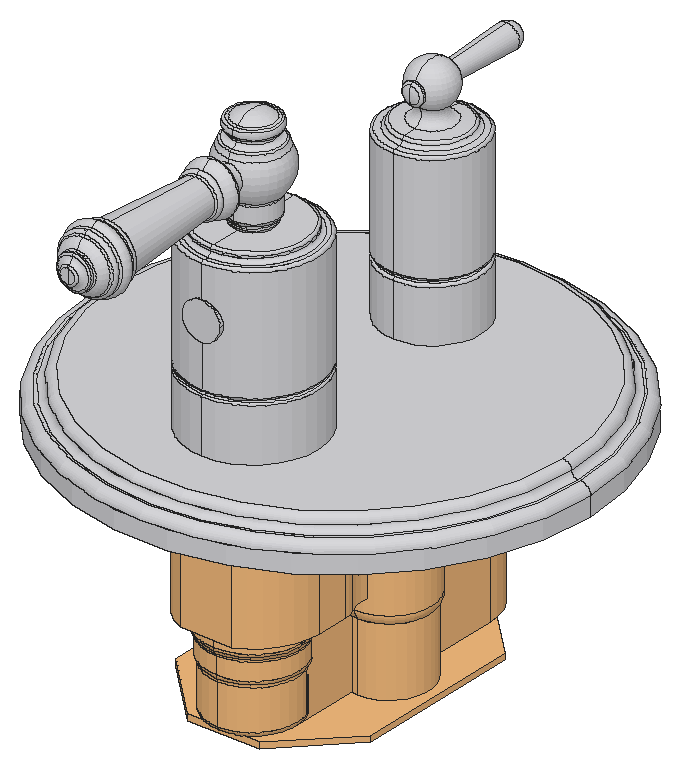
Revit family "Shower-Valve_Trim-KOHLER-MODULO-C72820W", category Plumbing Fixtures, host Face, Revit 2017
Family settings
  Host = Face
  Round Connector Dimension = Use Diameter
  Part Type = Normal
  OmniClass Number = 23.31.25.00
  OmniClass Title = Toilet and Bath Specialties
  Cut with Voids When Loaded = No
  Shared = No
  Room Calculation Point = No
Parameters (values of type "CP-Polished Chrome")
  Width = 7 11/128"  # constant formula
  WaterSense Certified = 1 = 0  # no
  Waste Water Outlet = "Waste Water Outlet"  # constant formula
  Waste Connection = 1 = 0  # no
  Vent Connection = 1 = 0  # no
  URL = "https://www.kohler.co.uk/"
  Type = 1
  Tempered Water Outlet 2 = "Tempered Water Outlet 2"  # constant formula
  Tempered Water Outlet 1 = "Tempered Water Outlet 1"  # constant formula
  Product Page URL = ""
  Product Name = "Artifacts"  # constant formula
  Product Documentation Link = ""
  Pressure = 72.00 psi  # constant formula
  Model = "C72820W-4-CP"  # constant formula
  Material = "Premium Metal Construction"  # constant formula
  Master Format 2014 Name = "Residential Showers"  # constant formula
  Master Format 2014 = "22 42 23"  # constant formula
  Manufacturer Address = "Cromwell Road, Cheltenham, Gloucestershire. GL52 5EP Registered in England No. 252115"  # constant formula
  Manufacturer = "KOHLER Co."  # constant formula
  Length = 4 19/32"  # constant formula
  Hot Water Inlet = "Hot Water Inlet"  # constant formula
  Height = 7 11/128"  # constant formula
  Handle Clearance = 3 79/256"  # constant formula
  HW Connection = 1 = 1  # yes
  Flow Rate = 9.24 GPM  # constant formula
  Finish = Kohler-Metal-CP-Polished_Chrome
  Environmental Product Declaration = ""
  Drain Included = 1 = 0  # no
  Description = "Thermotatic Built-in Shower Valve with Temperature and Flow Control"  # constant formula
  Default Elevation = 42"
  Declare Label = ""
  Date Modified = "21/07/2021"  # constant formula
  Date Created = "21/07/2021"  # constant formula
  Copyright = "Copyright KOHLER Co."  # constant formula
  Contact Us = "https://www.kohler.co.uk/support/contact/"
  Cold Water Inlet = "Cold Water Inlet"  # constant formula
  CW Connection = 1 = 1  # yes
  Assembly Code = "D2010700"
  ADA Compliant = 1 = 0  # no
Reference planes (in)
  plane 1 "Center (Front/Back)": y = 0
  plane 2: z = 0
  plane 3 "Center (Left/Right)": x = 0
  plane 4: x = -3.54331
  plane 5: x = 3.54263
  plane 6: y = 3.54331
  plane 7: y = -3.54263
  plane 8: y = -4.83834
  plane 9: y = 3.12106
  plane 10: x = -0.6875
  plane 11: x = 0.6875
  plane 12: y = -1.52974
  plane 13: y = 1.625
  plane 14: y = -0.89128
  plane 15: z = -3.09375
  plane 16: z = 3.90554
  plane 17: z = 4.59375
  plane 18: z = 3.53544
  plane 19: z = 0.5925
Forms (in)
  Extrusion 1, void
    sketch origin (0, 0, 0) x (1, 0, 0) y (0, 1, 0)
      loop
        arc (1.08004, -2.55228) -> (1.47227, -2.38981) -> (1.63473, -1.99759) r 0.55469
        line (1.63473, -1.99759) -> (1.63473, 1.99769)
        arc (1.63473, 1.99769) -> (1.47186, 2.39091) -> (1.07864, 2.55378) r 0.5561
        line (1.07864, 2.55378) -> (-1.08004, 2.55378)
        arc (-1.08004, 2.55378) -> (-1.47227, 2.39132) -> (-1.63473, 1.9991) r 0.55469
        line (-1.63473, 1.9991) -> (-1.63473, -1.99759)
        arc (-1.63473, -1.99759) -> (-1.47227, -2.38981) -> (-1.08004, -2.55228) r 0.55469
        line (-1.08004, -2.55228) -> (1.08004, -2.55228)
    from 0 to -3.09375
Dimensions and locks (in)
  "Width": plane 4 to plane 5
  locked: plane 8 to plane 6 at 8.38164
  "Height": plane 6 to plane 7
  locked: plane 19 to plane 2 at 0.5925
  locked: plane 16 to plane 2 at 3.90554
  "Length": plane 17 to plane 2
  "Handle Clearance": plane 12 to plane 8
  aligned and locked: plane 2 to host face
  aligned and locked: level to host face
Automatic sketch dimensions
  host sketch curve to host sketch curve = 96"  (x2)
  Extrusion 1 sketch curve to plane 13 = 0.3741"
  plane 10 to Extrusion 1 sketch curve = 0.94723"
  plane 10 to Extrusion 1 sketch curve = 0.39254"  (x2)
  plane 11 to Extrusion 1 sketch curve = 0.39114"
  plane 11 to Extrusion 1 sketch curve = 0.39254"
  Extrusion 1 sketch curve to Extrusion 1 sketch curve = 71/128"
  plane 12 to Extrusion 1 sketch curve = 0.46785"
Nested families (in)
  nested 1: "C72820W" at (0, 0, 0), type "C72820W"
Connectors (in)
  piping at (-0.6875, 0, -3.09375), diameter 0.5, driven by "Flow Rate", driven by "Pressure", driven by "HW Connection", driven by "Hot Water Inlet"
    settings: on nested 1, index 1, connector inside diameter 24", connector length 0", flow factor 0, pipe flow 9.24 GPM, pressure drop 72.00 psi, fitting loss kfactor 0, connector angle 0.00°, fixture units 0, engagement length 0", angle of deflection 0.00°, flow configuration 1, flow direction 1, fitting loss method 4, system type 19, joint type 0, gender type 0, connector reference index -1, connector utility 1, adjustable connector no, is connector primary yes, connector description "Hot Water Inlet"
  piping at (0.6875, 0, -3.09375), diameter 0.5, driven by "Flow Rate", driven by "Pressure", driven by "CW Connection", driven by "Cold Water Inlet"
    settings: on nested 1, index 2, connector inside diameter 24", connector length 0", flow factor 0, pipe flow 9.24 GPM, pressure drop 72.00 psi, fitting loss kfactor 0, connector angle 0.00°, fixture units 0, engagement length 0", angle of deflection 0.00°, flow configuration 1, flow direction 1, fitting loss method 4, system type 20, joint type 0, gender type 0, connector reference index -1, connector utility 1, adjustable connector no, is connector primary no, connector description "Cold Water Inlet"
  piping at (0, -0.89128, -3.09375), diameter 0.5, driven by "Flow Rate", driven by "Pressure", driven by "HW Connection", driven by "Tempered Water Outlet 2"
    settings: on nested 1, index 3, connector inside diameter 24", connector length 0", flow factor 0, pipe flow 9.24 GPM, pressure drop 72.00 psi, fitting loss kfactor 0, connector angle 0.00°, fixture units 0, engagement length 0", angle of deflection 0.00°, flow configuration 1, flow direction 2, fitting loss method 4, system type 19, joint type 0, gender type 0, connector reference index -1, connector utility 1, adjustable connector no, is connector primary no, connector description "Tempered Water Outlet 2"
  piping at (0, 1.62506, -3.09375), diameter 0.5, driven by "Flow Rate", driven by "Pressure", driven by "HW Connection", driven by "Tempered Water Outlet 1"
    settings: on nested 1, index 4, connector inside diameter 24", connector length 0", flow factor 0, pipe flow 9.24 GPM, pressure drop 72.00 psi, fitting loss kfactor 0, connector angle 0.00°, fixture units 0, engagement length 0", angle of deflection 0.00°, flow configuration 1, flow direction 2, fitting loss method 4, system type 19, joint type 0, gender type 0, connector reference index -1, connector utility 1, adjustable connector no, is connector primary no, connector description "Tempered Water Outlet 1"
Definition of nested family "C72820W"
  Parameters (values of type "C72820W")
    Material = none
  Reference planes (in)
    plane 1 "Center (Front/Back)": y = 0
    plane 2: z = 0
    plane 3 "Center (Left/Right)": x = 0
    plane 4: x = -3.54331
    plane 5: x = 3.54331
    plane 6: y = 3.54331
    plane 7: y = -3.54331
    plane 8: z = 0.5925
    plane 9: z = 3.90554
    plane 10: z = 4.59375
    plane 11: y = -1.53125
    plane 12: y = 1.625
    plane 13: y = -4.83834
    plane 14: y = 3.12106
    plane 15: z = 3.53544
    plane 16: z = -3.09375
    plane 17: x = -0.6875
    plane 18: x = 0.6875
    plane 19: y = -0.89128
  Forms (in)
    Sweep 1, solid, material <- "Material", detail levels medium+fine
      path origin (0, 0, 0) x (1, 0, 0) y (0, 1, 0)
        loop
          circle (0, 0) r 3.54336
      profile origin (0, 3.54336, 0) x (0, -1, 0) y (0, 0, 1)
        loop
          line (0.01211, 0) -> (0.60669, 0) -> (0.60669, 0.5925) -> (0.4018, 0.5925)
          arc (0.4018, 0.5925) -> (0.32124, 0.56098) -> (0.28346, 0.48316) r 0.11871
          arc (0.28346, 0.48316) -> (0.25323, 0.42088) -> (0.18876, 0.39565) r 0.095
          line (0.18876, 0.39565) -> (0.14766, 0.39565)
          arc (0.14766, 0.39565) -> (0.05181, 0.35595) -> (0.01211, 0.2601) r 0.13555
          line (0.01211, 0.2601) -> (0.01211, 0)
    Extrusion 2, solid, material <- "Material", detail levels medium+fine
      sketch origin (0, 0, 0) x (1, 0, 0) y (0, 1, 0)
        loop
          circle (0, 0) r 2.94878
      from 0 to 0.59055
    Revolve 3, solid, material <- "Material", detail levels medium+fine
      sketch origin (0, 0, 0) x (0, 1, 0) y (0, 0, 1)
        loop
          line (-1.53125, 4.59375) -> (-1.53125, 0.4743) -> (-0.625, 0.4743) -> (-0.625, 1.33838)
          arc (-0.625, 1.33838) -> (-0.63083, 1.35244) -> (-0.64489, 1.35827) r 0.01989
          line (-0.64489, 1.35827) -> (-0.71357, 1.35827) -> (-0.71357, 1.40546) -> (-0.64493, 1.40546)
          arc (-0.64493, 1.40546) -> (-0.63084, 1.4113) -> (-0.625, 1.42539) r 0.01993
          line (-0.625, 1.42539) -> (-0.625, 3.02147)
          arc (-0.625, 3.02147) -> (-0.63601, 3.04805) -> (-0.66258, 3.05906) r 0.03758
          line (-0.66258, 3.05906) -> (-0.7288, 3.05906)
          arc (-0.7288, 3.05906) -> (-0.76702, 3.07488) -> (-0.78285, 3.1131) r 0.05405
          line (-0.78285, 3.1131) -> (-0.78285, 3.14424)
          arc (-0.78285, 3.14424) -> (-0.79249, 3.16752) -> (-0.81577, 3.17717) r 0.03293
          line (-0.81577, 3.17717) -> (-1.26034, 3.17717)
          arc (-1.26034, 3.17717) -> (-1.24608, 3.18307) -> (-1.24017, 3.19734) r 0.02017
          line (-1.24017, 3.19734) -> (-1.24017, 3.23084)
          arc (-1.24017, 3.23084) -> (-1.23184, 3.26031) -> (-1.20931, 3.28105) r 0.05627
          arc (-1.20931, 3.28105) -> (-1.19571, 3.29357) -> (-1.19068, 3.31136) r 0.03397
          line (-1.19068, 3.31136) -> (-1.19068, 3.53618)
          arc (-1.19068, 3.53618) -> (-1.187, 3.55509) -> (-1.1765, 3.57125) r 0.05046
          arc (-1.1765, 3.57125) -> (-1.04544, 3.8435) -> (-1.10277, 4.14017) r 0.48059
          arc (-1.10277, 4.14017) -> (-1.1205, 4.17805) -> (-1.13252, 4.2181) r 0.2866
          arc (-1.13252, 4.2181) -> (-1.14093, 4.23175) -> (-1.15598, 4.23727) r 0.02449
          arc (-1.15598, 4.23727) -> (-1.20632, 4.25638) -> (-1.23302, 4.30315) r 0.07969
          arc (-1.23302, 4.30315) -> (-1.22772, 4.33475) -> (-1.20373, 4.35598) r 0.04802
          arc (-1.20373, 4.35598) -> (-1.18849, 4.36616) -> (-1.17854, 4.38156) r 0.04516
          arc (-1.17854, 4.38156) -> (-1.17087, 4.42738) -> (-1.18192, 4.4725) r 0.11517
          arc (-1.18192, 4.4725) -> (-1.1941, 4.48485) -> (-1.21131, 4.48696) r 0.02636
          arc (-1.21131, 4.48696) -> (-1.23395, 4.48715) -> (-1.25433, 4.49701) r 0.05157
          arc (-1.25433, 4.49701) -> (-1.38459, 4.56887) -> (-1.53125, 4.59375) r 0.44471
        axis (-1.53125, 4.59375) -> (-1.53125, 0.4743)
      angle from 0 to 360
    Revolve 4, solid, material <- "Material", detail levels medium+fine
      sketch origin (0, 0, 0) x (0, 1, 0) y (0, 0, 1)
        loop
          line (-4.8125, 3.90554) -> (-4.8125, 3.79943)
          arc (-4.8125, 3.79943) -> (-4.80706, 3.78381) -> (-4.79309, 3.77494) r 0.02515
          arc (-4.79309, 3.77494) -> (-4.74029, 3.74248) -> (-4.71742, 3.68488) r 0.09829
          arc (-4.71742, 3.68488) -> (-4.71089, 3.67087) -> (-4.69653, 3.66516) r 0.02092
          line (-4.69653, 3.66516) -> (-4.66467, 3.66516)
          arc (-4.66467, 3.66516) -> (-4.64967, 3.66092) -> (-4.63911, 3.64946) r 0.02866
          arc (-4.63911, 3.64946) -> (-4.58812, 3.58387) -> (-4.51633, 3.54206) r 0.21845
          arc (-4.51633, 3.54206) -> (-4.50309, 3.53354) -> (-4.49516, 3.51995) r 0.03371
          arc (-4.49516, 3.51995) -> (-4.46564, 3.48832) -> (-4.42258, 3.49256) r 0.04884
          arc (-4.42258, 3.49256) -> (-4.40072, 3.49612) -> (-4.38283, 3.48306) r 0.02872
          arc (-4.38283, 3.48306) -> (-4.29866, 3.43522) -> (-4.2138, 3.48181) r 0.09925
          arc (-4.2138, 3.48181) -> (-4.19527, 3.49525) -> (-4.1726, 3.49208) r 0.03058
          arc (-4.1726, 3.49208) -> (-4.13083, 3.48834) -> (-4.10097, 3.51779) r 0.0499
          arc (-4.10097, 3.51779) -> (-4.09084, 3.53127) -> (-4.07503, 3.53714) r 0.02993
          line (-4.07503, 3.53714) -> (-2.55069, 3.64373)
          arc (-2.55069, 3.64373) -> (-2.53243, 3.6393) -> (-2.52009, 3.62513) r 0.031
          arc (-2.52009, 3.62513) -> (-2.46412, 3.59631) -> (-2.42488, 3.64554) r 0.04965
          arc (-2.42488, 3.64554) -> (-2.3604, 3.56524) -> (-2.26309, 3.53149) r 0.1862
          arc (-2.26309, 3.53149) -> (-2.24777, 3.53557) -> (-2.23775, 3.54786) r 0.02571
          arc (-2.23775, 3.54786) -> (-2.12696, 3.67744) -> (-1.95951, 3.7095) r 0.25772
          arc (-1.95951, 3.7095) -> (-1.65295, 3.73811) -> (-1.39456, 3.90554) r 0.64511
          line (-1.39456, 3.90554) -> (-4.8125, 3.90554)
        axis (-1.39456, 3.90554) -> (-4.8125, 3.90554)
      angle from 0 to 360
    Revolve 5, solid, material <- "Material", detail levels medium+fine
      sketch origin (0, 0, 0) x (0, 1, 0) y (0, 0, 1)
        loop
          line (1.625, 0.55225) -> (2.3125, 0.55225) -> (2.3125, 1.32327)
          arc (2.3125, 1.32327) -> (2.30225, 1.34802) -> (2.2775, 1.35827) r 0.035
          line (2.2775, 1.35827) -> (2.2144, 1.35827) -> (2.2144, 1.40945) -> (2.29287, 1.40945)
          arc (2.29287, 1.40945) -> (2.30675, 1.4152) -> (2.3125, 1.42908) r 0.01963
          line (2.3125, 1.42908) -> (2.3125, 2.93221)
          arc (2.3125, 2.93221) -> (2.30353, 2.95641) -> (2.28094, 2.96891) r 0.03712
          line (2.28094, 2.96891) -> (2.19508, 2.98192)
          arc (2.19508, 2.98192) -> (2.16154, 2.99921) -> (2.14534, 3.03329) r 0.05899
          arc (2.14534, 3.03329) -> (2.13441, 3.05563) -> (2.11192, 3.06626) r 0.03761
          line (2.11192, 3.06626) -> (1.93293, 3.08507)
          arc (1.93293, 3.08507) -> (1.82197, 3.17321) -> (1.85475, 3.31108) r 0.13202
          arc (1.85475, 3.31108) -> (1.92349, 3.65661) -> (1.625, 3.84375) r 0.31035
          line (1.625, 3.84375) -> (1.625, 0.55225)
        axis (1.625, 3.84375) -> (1.625, 0.55225)
      angle from 0 to 360
    Revolve 6, solid, material <- "Material", detail levels medium+fine
      sketch origin (0, 0, 0) x (0, 1, 0) y (0, 0, 1)
        loop
          line (1.22663, 3.53543) -> (3.12503, 3.53543)
          arc (3.12503, 3.53543) -> (3.06506, 3.66556) -> (2.93021, 3.71399) r 0.18523
          line (2.93021, 3.71399) -> (1.90456, 3.66024) -> (1.34828, 3.67)
          arc (1.34828, 3.67) -> (1.33215, 3.66742) -> (1.31892, 3.67701) r 0.02135
          arc (1.31892, 3.67701) -> (1.30299, 3.68946) -> (1.28281, 3.68847) r 0.02899
          arc (1.28281, 3.68847) -> (1.26319, 3.67507) -> (1.25013, 3.65523) r 0.06141
          arc (1.25013, 3.65523) -> (1.23256, 3.59647) -> (1.22663, 3.53543) r 0.31705
        axis (3.12503, 3.53543) -> (1.22663, 3.53543)
      angle from 0 to 360
    Revolve 7, solid, detail levels medium+fine
      sketch origin (0, 0, 0) x (0, 1, 0) y (0, 0, 1)
        loop
          line (-1.53125, -3.02287) -> (-2.083, -3.02287)
          arc (-2.083, -3.02287) -> (-2.13423, -3.00165) -> (-2.15545, -2.95042) r 0.07245
          line (-2.15545, -2.95042) -> (-2.15545, -2.38433)
          arc (-2.15545, -2.38433) -> (-2.15935, -2.35862) -> (-2.17071, -2.33522) r 0.08665
          arc (-2.17071, -2.33522) -> (-2.18137, -2.31328) -> (-2.18503, -2.28916) r 0.08125
          line (-2.18503, -2.28916) -> (-2.18503, -2.04484)
          arc (-2.18503, -2.04484) -> (-2.1871, -2.0291) -> (-2.19317, -2.01444) r 0.06081
          line (-2.19317, -2.01444) -> (-2.2231, -1.96261)
          arc (-2.2231, -1.96261) -> (-2.23159, -1.9421) -> (-2.23449, -1.92009) r 0.08505
          line (-2.23449, -1.92009) -> (-2.23449, -1.81629)
          arc (-2.23449, -1.81629) -> (-2.25662, -1.75896) -> (-2.31153, -1.73135) r 0.08535
          line (-2.31153, -1.73135) -> (-2.31153, -0.57006)
          arc (-2.31153, -0.57006) -> (-2.27049, -0.54873) -> (-2.25403, -0.50551) r 0.06499
          line (-2.25403, -0.50551) -> (-2.25403, -0.47389)
          arc (-2.25403, -0.47389) -> (-2.26022, -0.45895) -> (-2.27517, -0.45276) r 0.02113
          line (-2.27517, -0.45276) -> (-2.35158, -0.45276)
          arc (-2.35158, -0.45276) -> (-2.3732, -0.4438) -> (-2.38216, -0.42218) r 0.03057
          line (-2.38216, -0.42218) -> (-2.38216, 0.03054) -> (-1.53125, 0.03054) -> (-1.53125, -3.02756)
        axis (-1.53125, 0.03054) -> (-1.53125, -3.02756)
      angle from 0 to 360
    Revolve 8, solid, detail levels medium+fine
      sketch origin (-0.68897, 0.0016, 0) x (0, 1, 0) y (0, 0, 1)
        loop
          line (0, -0.54405) -> (0, -3.03972) -> (0.55405, -3.03972) -> (0.55405, -2.04881)
          arc (0.55405, -2.04881) -> (0.59152, -1.98988) -> (0.60463, -1.92127) r 0.18606
          line (0.60463, -1.92127) -> (0.60463, -1.22977)
          arc (0.60463, -1.22977) -> (0.62713, -1.18548) -> (0.63488, -1.13642) r 0.15916
          line (0.63488, -1.13642) -> (0.63489, -0.62498)
          arc (0.63489, -0.62498) -> (0.61118, -0.56776) -> (0.55396, -0.54405) r 0.08093
          line (0.55396, -0.54405) -> (0, -0.54405)
        axis (0, -3.03972) -> (0, -0.54405)
      angle from 0 to 360
    Revolve 9, solid, detail levels medium+fine
      sketch origin (0.68897, 0.0016, 0) x (0, 1, 0) y (0, 0, -1)
        loop
          line (0, 0.54405) -> (0.55396, 0.54405)
          arc (0.55396, 0.54405) -> (0.61118, 0.56776) -> (0.63489, 0.62498) r 0.08093
          line (0.63489, 0.62498) -> (0.63488, 1.13642)
          arc (0.63488, 1.13642) -> (0.62713, 1.18548) -> (0.60463, 1.22977) r 0.15916
          line (0.60463, 1.22977) -> (0.60463, 1.92127)
          arc (0.60463, 1.92127) -> (0.59152, 1.98988) -> (0.55405, 2.04881) r 0.18606
          line (0.55405, 2.04881) -> (0.55405, 3.0385) -> (0, 3.0385) -> (0, 0.54405)
        axis (0, 3.0385) -> (0, 0.54405)
      angle from 0 to 360
    Extrusion 10, solid, detail levels medium+fine
      sketch origin (0, 0, 0) x (1, 0, 0) y (0, 1, 0)
        loop
          line (0.92561, -1.51625) -> (0.92561, -1.06778)
          arc (0.92561, -1.06778) -> (0.9162, -0.97656) -> (0.88838, -0.88919) r 0.44694
          arc (0.88838, -0.88919) -> (0.83885, -0.67085) -> (0.87295, -0.44957) r 0.599
          line (0.87295, -0.44957) -> (0.87295, 0.39112)
          arc (0.87295, 0.39112) -> (0.8232, 0.57143) -> (0.65834, 0.65979) r 0.23749
          line (0.65834, 0.65979) -> (0.07315, 0.71099)
          arc (0.07315, 0.71099) -> (0.00041, 0.71416) -> (-0.07233, 0.71099) r 0.83461
          line (-0.07233, 0.71099) -> (-0.65534, 0.65998)
          arc (-0.65534, 0.65998) -> (-0.80974, 0.58384) -> (-0.87213, 0.4234) r 0.23748
          line (-0.87213, 0.4234) -> (-0.87213, -0.44957)
          arc (-0.87213, -0.44957) -> (-0.83802, -0.67085) -> (-0.88755, -0.88919) r 0.599
          arc (-0.88755, -0.88919) -> (-0.91538, -0.97656) -> (-0.92478, -1.06778) r 0.44694
          line (-0.92478, -1.06778) -> (-0.92478, -1.51625)
          arc (-0.92478, -1.51625) -> (-0.77142, -2.0264) -> (-0.36218, -2.36743) r 0.9252
          line (-0.36218, -2.36743) -> (0.36301, -2.36743)
          arc (0.36301, -2.36743) -> (0.77225, -2.0264) -> (0.92561, -1.51625) r 0.9252
      from -1.73022 to -0.57006
    Extrusion 11, solid, detail levels medium+fine
      sketch origin (0, 0, 0) x (1, 0, 0) y (0, 1, 0)
        loop
          line (0.8075, 0.45624) -> (0.8075, 1.63734)
          arc (0.8075, 1.63734) -> (0.67224, 2.08461) -> (0.31178, 2.38195) r 0.80709
          line (0.31178, 2.38195) -> (-0.31096, 2.38195)
          arc (-0.31096, 2.38195) -> (-0.67141, 2.08461) -> (-0.80667, 1.63734) r 0.80709
          line (-0.80667, 1.63734) -> (-0.80667, 0.45624) -> (0.8075, 0.45624)
      from -3.01252 to -0.86614
    Extrusion 12, solid, detail levels medium+fine
      sketch origin (0, 0, 0) x (1, 0, 0) y (0, 1, 0)
        loop
          line (-1.37754, 1.18116) -> (-1.37754, -1.18104) -> (-0.50237, -2.05621) -> (0.5032, -2.05621) -> (1.37837, -1.18104) -> (1.37837, 1.18116) -> (0.48257, 2.07696) -> (-0.48174, 2.07696) -> (-1.37754, 1.18116)
      from -3.09375 to -3.01252
    Extrusion 13, solid, detail levels medium+fine
      sketch origin (0, 0, 0) x (1, 0, 0) y (0, 0, 1)
        loop
          line (-0.59014, -3.03972) -> (0.59096, -3.03972) -> (0.59096, -1.31274) -> (-0.59014, -1.31274) -> (-0.59014, -3.03972)
      from 0 to 1.51569
    Extrusion 14, solid, detail levels medium+fine
      sketch origin (0, -0.00769, 0) x (1, 0, 0) y (0, 1, 0)
        loop
          circle (-0.00038, 1.63295) r 0.68945
      from -0.86614 to 0.09843
    Extrusion 15, solid, detail levels medium+fine
      sketch origin (0, 0, 0) x (1, 0, 0) y (0, 1, 0)
        loop
          circle (0, 1.62506) r 0.19685
        loop
          circle (0.6875, 0) r 0.19685
        loop
          circle (-0.6875, 0) r 0.19685
        loop
          circle (0, -0.89128) r 0.19685
      from -3.09375 to -3.05727
    Extrusion 16, solid, material <- "Material", detail levels coarse
      sketch origin (0, 0, 0) x (1, 0, 0) y (0, 1, 0)
        loop
          circle (0, 0) r 3.53125
      from 0 to 0.59247
    Extrusion 17, solid, material <- "Material", detail levels coarse
      sketch origin (0, 0, 0) x (1, 0, 0) y (0, 1, 0)
        loop
          circle (0, -1.53125) r 0.90625
      from 0 to 4.59375
    Extrusion 18, solid, material <- "Material", detail levels coarse
      sketch origin (0, 0, 0) x (1, 0, 0) y (0, 1, 0)
        loop
          circle (0, 1.625) r 0.6875
      from 0 to 3.84375
    Extrusion 19, solid, material <- "Material", detail levels coarse
      sketch origin (0, 0, 0) x (1, 0, 0) y (0, 0, 1)
        loop
          circle (-0.00071, 3.5362) r 0.17864
      from -3.125 to -2.1378
    Extrusion 20, solid, material <- "Material", detail levels coarse
      sketch origin (0, 0, 0) x (1, 0, 0) y (0, 0, 1)
        loop
          circle (-0.00095, 3.90452) r 0.46672
      from 1.82382 to 4.83834
    Extrusion 21, solid, detail levels coarse
      sketch origin (0, 0, 0) x (1, 0, 0) y (0, 1, 0)
        loop
          line (1.37837, -1.18104) -> (1.37837, 1.18116) -> (0.79787, 1.76166)
          arc (0.79787, 1.76166) -> (0.63568, 2.13517) -> (0.31178, 2.38195) r 0.80709
          line (0.31178, 2.38195) -> (-0.31096, 2.38195)
          arc (-0.31096, 2.38195) -> (-0.63485, 2.13517) -> (-0.79704, 1.76166) r 0.80709
          line (-0.79704, 1.76166) -> (-1.37754, 1.18116) -> (-1.37754, -1.18104) -> (-0.91614, -1.64245)
          arc (-0.91614, -1.64245) -> (-0.73474, -2.07797) -> (-0.36218, -2.36743) r 0.9252
          line (-0.36218, -2.36743) -> (0.36301, -2.36743)
          arc (0.36301, -2.36743) -> (0.73557, -2.07797) -> (0.91696, -1.64245) r 0.9252
          line (0.91696, -1.64245) -> (1.37837, -1.18104)
      from -3.09375 to 0
    Extrusion 22, solid, material <- "Material", detail levels medium+fine
      sketch origin (0, 0, 0) x (1, 0, 0) y (0, 0, 1)
        loop
          circle (0.00002, 2.30909) r 0.26392
      from 1.51569 to 2.45606
    Extrusion 23, solid, detail levels medium+fine
      sketch origin (0, 0, 0) x (1, 0, 0) y (0, 1, 0)
        loop
          line (-1.08004, -2.55378) -> (1.08004, -2.55378)
          arc (1.08004, -2.55378) -> (1.47227, -2.39132) -> (1.63473, -1.9991) r 0.55469
          line (1.63473, -1.9991) -> (1.63473, 1.99769)
          arc (1.63473, 1.99769) -> (1.47186, 2.39091) -> (1.07864, 2.55378) r 0.5561
          line (1.07864, 2.55378) -> (-1.08004, 2.55378)
          arc (-1.08004, 2.55378) -> (-1.47227, 2.39132) -> (-1.63473, 1.9991) r 0.55469
          line (-1.63473, 1.9991) -> (-1.63473, -1.9991)
          arc (-1.63473, -1.9991) -> (-1.47227, -2.39132) -> (-1.08004, -2.55378) r 0.55469
      from -0.08678 to 0
  Cuts and joins
    joined: Sweep 1, Extrusion 2, Revolve 3, Revolve 4, Revolve 5, Extrusion 22
    joined: Revolve 8, Revolve 9, Extrusion 10, Extrusion 11, Extrusion 12, Extrusion 13, Extrusion 14, Extrusion 23
    joined: Extrusion 16, Extrusion 17, Extrusion 18, Extrusion 19, Extrusion 20
  Lines and regions (in)
    Masking region 1
      outline origin (0, 0, 0) x (0, 1, 0) y (0, 0, 1)
        loop
          arc (-0.625, 1.33838) -> (-0.63083, 1.35244) -> (-0.64489, 1.35827) r 0.01989
          line (-0.64489, 1.35827) -> (-0.71357, 1.35827) -> (-0.71357, 1.40546) -> (-0.64493, 1.40546)
          arc (-0.64493, 1.40546) -> (-0.63084, 1.4113) -> (-0.625, 1.42539) r 0.01993
          line (-0.625, 1.42539) -> (-0.625, 3.02147)
          arc (-0.625, 3.02147) -> (-0.63601, 3.04805) -> (-0.66258, 3.05906) r 0.03758
          line (-0.66258, 3.05906) -> (-0.7288, 3.05906)
          arc (-0.7288, 3.05906) -> (-0.76702, 3.07488) -> (-0.78285, 3.1131) r 0.05405
          line (-0.78285, 3.1131) -> (-0.78285, 3.14424)
          arc (-0.78285, 3.14424) -> (-0.79249, 3.16752) -> (-0.81577, 3.17717) r 0.03293
          line (-0.81577, 3.17717) -> (-1.26034, 3.17717)
          arc (-1.26034, 3.17717) -> (-1.24608, 3.18307) -> (-1.24017, 3.19734) r 0.02017
          line (-1.24017, 3.19734) -> (-1.24017, 3.23084)
          arc (-1.24017, 3.23084) -> (-1.23184, 3.26031) -> (-1.20931, 3.28105) r 0.05627
          arc (-1.20931, 3.28105) -> (-1.19571, 3.29357) -> (-1.19068, 3.31136) r 0.03397
          line (-1.19068, 3.31136) -> (-1.19068, 3.53618)
          arc (-1.19068, 3.53618) -> (-1.187, 3.55509) -> (-1.1765, 3.57125) r 0.05046
          arc (-1.1765, 3.57125) -> (-1.04544, 3.8435) -> (-1.10277, 4.14017) r 0.48059
          arc (-1.10277, 4.14017) -> (-1.1205, 4.17805) -> (-1.13252, 4.2181) r 0.2866
          arc (-1.13252, 4.2181) -> (-1.14093, 4.23175) -> (-1.15598, 4.23727) r 0.02449
          arc (-1.15598, 4.23727) -> (-1.20632, 4.25638) -> (-1.23302, 4.30315) r 0.07969
          arc (-1.23302, 4.30315) -> (-1.22772, 4.33475) -> (-1.20373, 4.35598) r 0.04802
          arc (-1.20373, 4.35598) -> (-1.18849, 4.36616) -> (-1.17854, 4.38156) r 0.04516
          arc (-1.17854, 4.38156) -> (-1.17083, 4.42627) -> (-1.18099, 4.47048) r 0.11517
          arc (-1.18099, 4.47048) -> (-1.19502, 4.48365) -> (-1.21407, 4.48644) r 0.03214
          arc (-1.21407, 4.48644) -> (-1.23532, 4.48748) -> (-1.25433, 4.49701) r 0.05157
          arc (-1.25433, 4.49701) -> (-1.53125, 4.59375) -> (-1.80817, 4.49701) r 0.44471
          arc (-1.80817, 4.49701) -> (-1.82718, 4.48748) -> (-1.84843, 4.48644) r 0.05157
          arc (-1.84843, 4.48644) -> (-1.86848, 4.4831) -> (-1.88245, 4.46834) r 0.03194
          arc (-1.88245, 4.46834) -> (-1.89169, 4.4251) -> (-1.88396, 4.38156) r 0.11517
          arc (-1.88396, 4.38156) -> (-1.87401, 4.36616) -> (-1.85877, 4.35598) r 0.04516
          arc (-1.85877, 4.35598) -> (-1.83478, 4.33475) -> (-1.82948, 4.30315) r 0.04802
          arc (-1.82948, 4.30315) -> (-1.85618, 4.25638) -> (-1.90652, 4.23727) r 0.07969
          arc (-1.90652, 4.23727) -> (-1.92157, 4.23175) -> (-1.92998, 4.2181) r 0.02449
          arc (-1.92998, 4.2181) -> (-1.942, 4.17805) -> (-1.95973, 4.14017) r 0.2866
          arc (-1.95973, 4.14017) -> (-1.9704, 4.12001) -> (-1.98011, 4.09936) r 0.48059
          arc (-1.98011, 4.09936) -> (-2.13581, 4.13903) -> (-2.23775, 4.26323) r 0.25772
          arc (-2.23775, 4.26323) -> (-2.24777, 4.27552) -> (-2.26309, 4.2796) r 0.02571
          arc (-2.26309, 4.2796) -> (-2.3604, 4.24585) -> (-2.42488, 4.16555) r 0.1862
          arc (-2.42488, 4.16555) -> (-2.46412, 4.21478) -> (-2.52009, 4.18596) r 0.04965
          arc (-2.52009, 4.18596) -> (-2.53243, 4.17179) -> (-2.55069, 4.16736) r 0.031
          line (-2.55069, 4.16736) -> (-4.07503, 4.27395)
          arc (-4.07503, 4.27395) -> (-4.09084, 4.27982) -> (-4.10097, 4.2933) r 0.02993
          arc (-4.10097, 4.2933) -> (-4.13083, 4.32274) -> (-4.1726, 4.31901) r 0.0499
          arc (-4.1726, 4.31901) -> (-4.19527, 4.31583) -> (-4.2138, 4.32928) r 0.03058
          arc (-4.2138, 4.32928) -> (-4.29866, 4.37587) -> (-4.38283, 4.32803) r 0.09925
          arc (-4.38283, 4.32803) -> (-4.40072, 4.31497) -> (-4.42258, 4.31853) r 0.02872
          arc (-4.42258, 4.31853) -> (-4.46564, 4.32276) -> (-4.49516, 4.29114) r 0.04884
          arc (-4.49516, 4.29114) -> (-4.50309, 4.27754) -> (-4.51633, 4.26903) r 0.03371
          arc (-4.51633, 4.26903) -> (-4.58812, 4.22722) -> (-4.63911, 4.16162) r 0.21845
          arc (-4.63911, 4.16162) -> (-4.64967, 4.15016) -> (-4.66467, 4.14593) r 0.02866
          line (-4.66467, 4.14593) -> (-4.69653, 4.14593)
          arc (-4.69653, 4.14593) -> (-4.71089, 4.14022) -> (-4.71742, 4.12621) r 0.02092
          arc (-4.71742, 4.12621) -> (-4.74712, 4.06127) -> (-4.81294, 4.03358) r 0.09829
          arc (-4.81294, 4.03358) -> (-4.83094, 4.0257) -> (-4.83834, 4.0075) r 0.02609
          line (-4.83834, 4.0075) -> (-4.83834, 3.80434)
          arc (-4.83834, 3.80434) -> (-4.83078, 3.78565) -> (-4.81235, 3.77749) r 0.02686
          arc (-4.81235, 3.77749) -> (-4.74691, 3.74961) -> (-4.71742, 3.68488) r 0.09829
          arc (-4.71742, 3.68488) -> (-4.71089, 3.67087) -> (-4.69653, 3.66516) r 0.02092
          line (-4.69653, 3.66516) -> (-4.66467, 3.66516)
          arc (-4.66467, 3.66516) -> (-4.64967, 3.66092) -> (-4.63911, 3.64946) r 0.02866
          arc (-4.63911, 3.64946) -> (-4.58812, 3.58387) -> (-4.51633, 3.54206) r 0.21845
          arc (-4.51633, 3.54206) -> (-4.50309, 3.53354) -> (-4.49516, 3.51995) r 0.03371
          arc (-4.49516, 3.51995) -> (-4.46564, 3.48832) -> (-4.42258, 3.49256) r 0.04884
          arc (-4.42258, 3.49256) -> (-4.40072, 3.49612) -> (-4.38283, 3.48306) r 0.02872
          arc (-4.38283, 3.48306) -> (-4.29866, 3.43522) -> (-4.2138, 3.48181) r 0.09925
          arc (-4.2138, 3.48181) -> (-4.19527, 3.49525) -> (-4.1726, 3.49208) r 0.03058
          arc (-4.1726, 3.49208) -> (-4.13083, 3.48834) -> (-4.10097, 3.51779) r 0.0499
          arc (-4.10097, 3.51779) -> (-4.09084, 3.53127) -> (-4.07503, 3.53714) r 0.02993
          line (-4.07503, 3.53714) -> (-2.55069, 3.64373)
          arc (-2.55069, 3.64373) -> (-2.53243, 3.6393) -> (-2.52009, 3.62513) r 0.031
          arc (-2.52009, 3.62513) -> (-2.46412, 3.59631) -> (-2.42488, 3.64554) r 0.04965
          arc (-2.42488, 3.64554) -> (-2.3604, 3.56524) -> (-2.26309, 3.53149) r 0.1862
          arc (-2.26309, 3.53149) -> (-2.24777, 3.53557) -> (-2.23775, 3.54786) r 0.02571
          arc (-2.23775, 3.54786) -> (-2.13591, 3.67199) -> (-1.98036, 3.71174) r 0.25772
          arc (-1.98036, 3.71174) -> (-1.93941, 3.63731) -> (-1.886, 3.57125) r 0.48059
          arc (-1.886, 3.57125) -> (-1.8755, 3.55509) -> (-1.87182, 3.53618) r 0.05046
          line (-1.87182, 3.53618) -> (-1.87182, 3.31136)
          arc (-1.87182, 3.31136) -> (-1.86679, 3.29357) -> (-1.85319, 3.28105) r 0.03397
          arc (-1.85319, 3.28105) -> (-1.83066, 3.26031) -> (-1.82233, 3.23084) r 0.05627
          line (-1.82233, 3.23084) -> (-1.82233, 3.19734)
          arc (-1.82233, 3.19734) -> (-1.81642, 3.18307) -> (-1.80216, 3.17717) r 0.02017
          line (-1.80216, 3.17717) -> (-2.24673, 3.17717)
          arc (-2.24673, 3.17717) -> (-2.27001, 3.16752) -> (-2.27965, 3.14424) r 0.03293
          line (-2.27965, 3.14424) -> (-2.27965, 3.1131)
          arc (-2.27965, 3.1131) -> (-2.29548, 3.07488) -> (-2.3337, 3.05906) r 0.05405
          line (-2.3337, 3.05906) -> (-2.39992, 3.05906)
          arc (-2.39992, 3.05906) -> (-2.42649, 3.04805) -> (-2.4375, 3.02147) r 0.03758
          line (-2.4375, 3.02147) -> (-2.4375, 2.59952) -> (-2.45606, 2.57301) -> (-2.45606, 2.04517) -> (-2.4375, 2.01866) -> (-2.4375, 1.42539)
          arc (-2.4375, 1.42539) -> (-2.43166, 1.4113) -> (-2.41757, 1.40546) r 0.01993
          line (-2.41757, 1.40546) -> (-2.34893, 1.40546) -> (-2.34893, 1.35827) -> (-2.41761, 1.35827)
          arc (-2.41761, 1.35827) -> (-2.43167, 1.35244) -> (-2.4375, 1.33838) r 0.01989
          line (-2.4375, 1.33838) -> (-2.4375, 0.5925) -> (-3.15362, 0.5925)
          arc (-3.15362, 0.5925) -> (-3.23418, 0.56098) -> (-3.27196, 0.48316) r 0.11871
          arc (-3.27196, 0.48316) -> (-3.30219, 0.42088) -> (-3.36666, 0.39565) r 0.095
          line (-3.36666, 0.39565) -> (-3.40776, 0.39565)
          arc (-3.40776, 0.39565) -> (-3.50361, 0.35595) -> (-3.54331, 0.2601) r 0.13555
          line (-3.54331, 0.2601) -> (-3.54331, 0) -> (3.54331, 0) -> (3.54331, 0.2601)
          arc (3.54331, 0.2601) -> (3.50361, 0.35595) -> (3.40776, 0.39565) r 0.13555
          line (3.40776, 0.39565) -> (3.36666, 0.39565)
          arc (3.36666, 0.39565) -> (3.30219, 0.42088) -> (3.27196, 0.48316) r 0.095
          arc (3.27196, 0.48316) -> (3.23418, 0.56098) -> (3.15362, 0.5925) r 0.11871
          line (3.15362, 0.5925) -> (2.3125, 0.5925) -> (2.3125, 1.32327)
          arc (2.3125, 1.32327) -> (2.30225, 1.34802) -> (2.2775, 1.35827) r 0.035
          line (2.2775, 1.35827) -> (2.2144, 1.35827) -> (2.2144, 1.40945) -> (2.29287, 1.40945)
          arc (2.29287, 1.40945) -> (2.30675, 1.4152) -> (2.3125, 1.42908) r 0.01963
          line (2.3125, 1.42908) -> (2.3125, 2.93221)
          arc (2.3125, 2.93221) -> (2.30353, 2.95641) -> (2.28094, 2.96891) r 0.03712
          line (2.28094, 2.96891) -> (2.19508, 2.98192)
          arc (2.19508, 2.98192) -> (2.16154, 2.99921) -> (2.14534, 3.03329) r 0.05899
          arc (2.14534, 3.03329) -> (2.13441, 3.05563) -> (2.11192, 3.06626) r 0.03761
          line (2.11192, 3.06626) -> (1.93293, 3.08507)
          arc (1.93293, 3.08507) -> (1.82197, 3.17321) -> (1.85475, 3.31108) r 0.13202
          arc (1.85475, 3.31108) -> (1.89376, 3.35705) -> (1.92325, 3.40965) r 0.31342
          line (1.92325, 3.40965) -> (2.93021, 3.35688)
          arc (2.93021, 3.35688) -> (3.06974, 3.40975) -> (3.125, 3.54835) r 0.18521
          arc (3.125, 3.54835) -> (3.06414, 3.67413) -> (2.93021, 3.71399) r 0.17311
          line (2.93021, 3.71399) -> (1.92365, 3.66124)
          arc (1.92365, 3.66124) -> (1.80173, 3.79734) -> (1.625, 3.84375) r 0.31766
          arc (1.625, 3.84375) -> (1.45134, 3.8001) -> (1.32971, 3.66868) r 0.31426
          arc (1.32971, 3.66868) -> (1.31047, 3.68855) -> (1.28281, 3.68847) r 0.03534
          arc (1.28281, 3.68847) -> (1.26319, 3.67507) -> (1.25013, 3.65523) r 0.06141
          arc (1.25013, 3.65523) -> (1.23256, 3.59647) -> (1.22663, 3.53543) r 0.31705
          arc (1.22663, 3.53543) -> (1.23256, 3.47439) -> (1.25013, 3.41564) r 0.31705
          arc (1.25013, 3.41564) -> (1.26319, 3.3958) -> (1.28281, 3.38239) r 0.06141
          arc (1.28281, 3.38239) -> (1.31087, 3.3828) -> (1.32933, 3.40395) r 0.03447
          arc (1.32933, 3.40395) -> (1.35804, 3.35449) -> (1.39525, 3.31108) r 0.31342
          arc (1.39525, 3.31108) -> (1.42803, 3.17321) -> (1.31707, 3.08507) r 0.13202
          line (1.31707, 3.08507) -> (1.13808, 3.06626)
          arc (1.13808, 3.06626) -> (1.11559, 3.05563) -> (1.10466, 3.03329) r 0.03761
          arc (1.10466, 3.03329) -> (1.08846, 2.99921) -> (1.05492, 2.98192) r 0.05899
          line (1.05492, 2.98192) -> (0.96906, 2.96891)
          arc (0.96906, 2.96891) -> (0.94647, 2.95641) -> (0.9375, 2.93221) r 0.03712
          line (0.9375, 2.93221) -> (0.9375, 1.42908)
          arc (0.9375, 1.42908) -> (0.94325, 1.4152) -> (0.95713, 1.40945) r 0.01963
          line (0.95713, 1.40945) -> (1.0356, 1.40945) -> (1.0356, 1.35827) -> (0.9725, 1.35827)
          arc (0.9725, 1.35827) -> (0.94775, 1.34802) -> (0.9375, 1.32327) r 0.035
          line (0.9375, 1.32327) -> (0.9375, 0.5925) -> (-0.625, 0.5925) -> (-0.625, 1.33838)
    Masking region 2
      outline origin (0, 0, 0) x (0, 1, 0) y (0, 0, 1)
        loop
          arc (-2.38216, -0.42218) -> (-2.3732, -0.4438) -> (-2.35158, -0.45276) r 0.03057
          line (-2.35158, -0.45276) -> (-2.27517, -0.45276)
          arc (-2.27517, -0.45276) -> (-2.26022, -0.45895) -> (-2.25403, -0.47389) r 0.02113
          line (-2.25403, -0.47389) -> (-2.25403, -0.50551)
          arc (-2.25403, -0.50551) -> (-2.27049, -0.54873) -> (-2.31153, -0.57006) r 0.06499
          line (-2.31153, -0.57006) -> (-2.36743, -0.57006) -> (-2.36743, -1.73135) -> (-2.31153, -1.73135)
          arc (-2.31153, -1.73135) -> (-2.25662, -1.75896) -> (-2.23449, -1.81629) r 0.08535
          line (-2.23449, -1.81629) -> (-2.23449, -1.92009)
          arc (-2.23449, -1.92009) -> (-2.23159, -1.9421) -> (-2.2231, -1.96261) r 0.08505
          line (-2.2231, -1.96261) -> (-2.19317, -2.01444)
          arc (-2.19317, -2.01444) -> (-2.1871, -2.0291) -> (-2.18503, -2.04484) r 0.06081
          line (-2.18503, -2.04484) -> (-2.18503, -2.28916)
          arc (-2.18503, -2.28916) -> (-2.18137, -2.31328) -> (-2.17071, -2.33522) r 0.08125
          arc (-2.17071, -2.33522) -> (-2.15935, -2.35862) -> (-2.15545, -2.38433) r 0.08665
          line (-2.15545, -2.38433) -> (-2.15545, -2.95083)
          arc (-2.15545, -2.95083) -> (-2.13666, -2.99951) -> (-2.09003, -3.02294) r 0.07245
          line (-2.09003, -3.02294) -> (-2.05621, -3.02294) -> (-2.05621, -3.09375) -> (2.07696, -3.09375) -> (2.07696, -3.02306) -> (2.38195, -3.02306) -> (2.38195, -0.86614) -> (2.3125, -0.86614) -> (2.3125, -0.08678) -> (2.55378, -0.08678) -> (2.55378, 0) -> (-2.55378, 0) -> (-2.55378, -0.08678) -> (-2.38216, -0.08678) -> (-2.38216, -0.42218)
        loop
          line (0.9375, -0.08678) -> (-0.68034, -0.08678) -> (-0.68034, -0.42218)
          arc (-0.68034, -0.42218) -> (-0.6893, -0.4438) -> (-0.71092, -0.45276) r 0.03057
          line (-0.71092, -0.45276) -> (-0.78733, -0.45276)
          arc (-0.78733, -0.45276) -> (-0.80228, -0.45895) -> (-0.80847, -0.47389) r 0.02113
          line (-0.80847, -0.47389) -> (-0.80847, -0.50551)
          arc (-0.80847, -0.50551) -> (-0.79201, -0.54873) -> (-0.75097, -0.57006) r 0.06499
          line (-0.75097, -0.57006) -> (-0.615, -0.57006)
          arc (-0.615, -0.57006) -> (-0.588, -0.55084) -> (-0.55556, -0.54405) r 0.08093
          line (-0.55556, -0.54405) -> (0.55556, -0.54405)
          arc (0.55556, -0.54405) -> (0.588, -0.55084) -> (0.615, -0.57006) r 0.08093
          line (0.615, -0.57006) -> (0.71576, -0.57006) -> (0.71576, -0.86614) -> (0.9375, -0.86614) -> (0.9375, -0.08678)
    Masking region 3
      outline origin (0, 0, 0) x (1, 0, 0) y (0, 0, 1)
        loop
          arc (0.90625, 1.33652) -> (0.90042, 1.35058) -> (0.88636, 1.35641) r 0.01989
          line (0.88636, 1.35641) -> (0.81768, 1.35641) -> (0.81768, 1.4036) -> (0.88632, 1.4036)
          arc (0.88632, 1.4036) -> (0.90041, 1.40944) -> (0.90625, 1.42354) r 0.01993
          line (0.90625, 1.42354) -> (0.90625, 3.01961)
          arc (0.90625, 3.01961) -> (0.89524, 3.04619) -> (0.86867, 3.0572) r 0.03758
          line (0.86867, 3.0572) -> (0.80245, 3.0572)
          arc (0.80245, 3.0572) -> (0.76423, 3.07303) -> (0.7484, 3.11124) r 0.05405
          line (0.7484, 3.11124) -> (0.7484, 3.14238)
          arc (0.7484, 3.14238) -> (0.73876, 3.16566) -> (0.71548, 3.17531) r 0.03293
          line (0.71548, 3.17531) -> (0.27091, 3.17531)
          arc (0.27091, 3.17531) -> (0.28517, 3.18122) -> (0.29108, 3.19548) r 0.02017
          line (0.29108, 3.19548) -> (0.29108, 3.22899)
          arc (0.29108, 3.22899) -> (0.29941, 3.25845) -> (0.32194, 3.27919) r 0.05627
          arc (0.32194, 3.27919) -> (0.33554, 3.29171) -> (0.34057, 3.3095) r 0.03397
          line (0.34057, 3.3095) -> (0.34057, 3.53432)
          arc (0.34057, 3.53432) -> (0.34425, 3.55324) -> (0.35475, 3.56939) r 0.05046
          arc (0.35475, 3.56939) -> (0.48581, 3.84164) -> (0.42848, 4.13831) r 0.48059
          arc (0.42848, 4.13831) -> (0.41075, 4.17619) -> (0.39873, 4.21624) r 0.2866
          arc (0.39873, 4.21624) -> (0.39032, 4.22989) -> (0.37527, 4.23542) r 0.02449
          arc (0.37527, 4.23542) -> (0.32493, 4.25453) -> (0.29823, 4.30129) r 0.07969
          arc (0.29823, 4.30129) -> (0.30353, 4.33289) -> (0.32752, 4.35413) r 0.04802
          arc (0.32752, 4.35413) -> (0.34276, 4.36431) -> (0.35271, 4.3797) r 0.04516
          arc (0.35271, 4.3797) -> (0.36042, 4.42441) -> (0.35026, 4.46862) r 0.11517
          arc (0.35026, 4.46862) -> (0.33674, 4.48313) -> (0.31718, 4.48644) r 0.03093
          arc (0.31718, 4.48644) -> (0.29593, 4.48748) -> (0.27692, 4.49701) r 0.05157
          arc (0.27692, 4.49701) -> (0.14666, 4.56887) -> (0, 4.59375) r 0.44471
          arc (0, 4.59375) -> (-0.14666, 4.56887) -> (-0.27692, 4.49701) r 0.44471
          arc (-0.27692, 4.49701) -> (-0.29593, 4.48748) -> (-0.31718, 4.48644) r 0.05157
          arc (-0.31718, 4.48644) -> (-0.33674, 4.48313) -> (-0.35026, 4.46862) r 0.03093
          arc (-0.35026, 4.46862) -> (-0.36042, 4.42441) -> (-0.35271, 4.3797) r 0.11517
          arc (-0.35271, 4.3797) -> (-0.34276, 4.36431) -> (-0.32752, 4.35413) r 0.04516
          arc (-0.32752, 4.35413) -> (-0.30353, 4.33289) -> (-0.29823, 4.30129) r 0.04802
          arc (-0.29823, 4.30129) -> (-0.32493, 4.25453) -> (-0.37527, 4.23542) r 0.07969
          arc (-0.37527, 4.23542) -> (-0.39032, 4.22989) -> (-0.39873, 4.21624) r 0.02449
          arc (-0.39873, 4.21624) -> (-0.41075, 4.17619) -> (-0.42848, 4.13831) r 0.2866
          arc (-0.42848, 4.13831) -> (-0.48581, 3.84164) -> (-0.35475, 3.56939) r 0.48059
          arc (-0.35475, 3.56939) -> (-0.34425, 3.55324) -> (-0.34057, 3.53432) r 0.05046
          line (-0.34057, 3.53432) -> (-0.34057, 3.3095)
          arc (-0.34057, 3.3095) -> (-0.33554, 3.29171) -> (-0.32194, 3.27919) r 0.03397
          arc (-0.32194, 3.27919) -> (-0.29941, 3.25845) -> (-0.29108, 3.22899) r 0.05627
          line (-0.29108, 3.22899) -> (-0.29108, 3.19548)
          arc (-0.29108, 3.19548) -> (-0.28517, 3.18122) -> (-0.27091, 3.17531) r 0.02017
          line (-0.27091, 3.17531) -> (-0.71548, 3.17531)
          arc (-0.71548, 3.17531) -> (-0.73876, 3.16566) -> (-0.7484, 3.14238) r 0.03293
          line (-0.7484, 3.14238) -> (-0.7484, 3.11124)
          arc (-0.7484, 3.11124) -> (-0.76423, 3.07303) -> (-0.80245, 3.0572) r 0.05405
          line (-0.80245, 3.0572) -> (-0.86867, 3.0572)
          arc (-0.86867, 3.0572) -> (-0.89524, 3.04619) -> (-0.90625, 3.01961) r 0.03758
          line (-0.90625, 3.01961) -> (-0.90625, 1.42354)
          arc (-0.90625, 1.42354) -> (-0.90041, 1.40944) -> (-0.88632, 1.4036) r 0.01993
          line (-0.88632, 1.4036) -> (-0.81768, 1.4036) -> (-0.81768, 1.35641) -> (-0.88636, 1.35641)
          arc (-0.88636, 1.35641) -> (-0.90042, 1.35058) -> (-0.90625, 1.33652) r 0.01989
          line (-0.90625, 1.33652) -> (-0.90625, 0.59247) -> (-3.15362, 0.59247)
          arc (-3.15362, 0.59247) -> (-3.23418, 0.56094) -> (-3.27196, 0.48312) r 0.11871
          arc (-3.27196, 0.48312) -> (-3.30219, 0.42084) -> (-3.36666, 0.39561) r 0.095
          line (-3.36666, 0.39561) -> (-3.40776, 0.39561)
          arc (-3.40776, 0.39561) -> (-3.50361, 0.35591) -> (-3.54331, 0.26006) r 0.13555
          line (-3.54331, 0.26006) -> (-3.54331, -0.00004) -> (3.54331, -0.00004) -> (3.54331, 0.26006)
          arc (3.54331, 0.26006) -> (3.50361, 0.35591) -> (3.40776, 0.39561) r 0.13555
          line (3.40776, 0.39561) -> (3.36666, 0.39561)
          arc (3.36666, 0.39561) -> (3.30219, 0.42084) -> (3.27196, 0.48312) r 0.095
          arc (3.27196, 0.48312) -> (3.23418, 0.56094) -> (3.15362, 0.59247) r 0.11871
          line (3.15362, 0.59247) -> (0.90625, 0.59247) -> (0.90625, 1.33652)
    Masking region 4, detail levels medium+fine
      outline origin (0, 0, 0) x (1, 0, 0) y (0, 0, 1)
        loop
          arc (0.73605, -0.54415) -> (0.72633, -0.52782) -> (0.72294, -0.50911) r 0.05337
          line (0.72294, -0.50911) -> (0.72294, -0.47248)
          arc (0.72294, -0.47248) -> (0.72868, -0.45864) -> (0.74252, -0.4529) r 0.01958
          line (0.74252, -0.4529) -> (0.81948, -0.4529)
          arc (0.81948, -0.4529) -> (0.84181, -0.44365) -> (0.85107, -0.42131) r 0.03159
          line (0.85107, -0.42131) -> (0.85107, -0.08678) -> (1.63473, -0.08678) -> (1.63473, -0.00004) -> (-1.63473, -0.00004) -> (-1.63473, -0.08678) -> (-0.85107, -0.08678) -> (-0.85107, -0.42131)
          arc (-0.85107, -0.42131) -> (-0.84181, -0.44365) -> (-0.81948, -0.4529) r 0.03159
          line (-0.81948, -0.4529) -> (-0.74252, -0.4529)
          arc (-0.74252, -0.4529) -> (-0.72868, -0.45864) -> (-0.72294, -0.47248) r 0.01958
          line (-0.72294, -0.47248) -> (-0.72294, -0.50911)
          arc (-0.72294, -0.50911) -> (-0.72633, -0.52782) -> (-0.73605, -0.54415) r 0.05337
          line (-0.73605, -0.54415) -> (-1.24293, -0.54415)
          arc (-1.24293, -0.54415) -> (-1.30016, -0.56785) -> (-1.32386, -0.62508) r 0.08093
          line (-1.32386, -0.62508) -> (-1.32385, -1.13651)
          arc (-1.32385, -1.13651) -> (-1.3161, -1.18557) -> (-1.2936, -1.22986) r 0.15916
          line (-1.2936, -1.22986) -> (-1.29361, -1.92137)
          arc (-1.29361, -1.92137) -> (-1.2805, -1.98997) -> (-1.24302, -2.0489) r 0.18606
          line (-1.24302, -2.0489) -> (-1.24302, -3.01252) -> (-1.37754, -3.01252) -> (-1.37754, -3.09375) -> (1.37837, -3.09375) -> (1.37837, -3.01252) -> (1.24302, -3.01252) -> (1.24302, -2.0489)
          arc (1.24302, -2.0489) -> (1.2805, -1.98997) -> (1.29361, -1.92137) r 0.18606
          line (1.29361, -1.92137) -> (1.2936, -1.22986)
          arc (1.2936, -1.22986) -> (1.3161, -1.18557) -> (1.32385, -1.13651) r 0.15916
          line (1.32385, -1.13651) -> (1.32386, -0.62508)
          arc (1.32386, -0.62508) -> (1.30016, -0.56785) -> (1.24293, -0.54415) r 0.08093
          line (1.24293, -0.54415) -> (0.73605, -0.54415)
    Masking region 5
      outline origin (0, 0, 0) x (1, 0, 0) y (0, 1, 0)
        loop
          arc (0.10121, -4.83834) -> (0.11989, -4.83078) -> (0.12805, -4.81235) r 0.02686
          arc (0.12805, -4.81235) -> (0.15594, -4.74691) -> (0.22066, -4.71741) r 0.09829
          arc (0.22066, -4.71741) -> (0.23467, -4.71089) -> (0.24038, -4.69653) r 0.02092
          line (0.24038, -4.69653) -> (0.24038, -4.66467)
          arc (0.24038, -4.66467) -> (0.24462, -4.64967) -> (0.25608, -4.63911) r 0.02866
          arc (0.25608, -4.63911) -> (0.32167, -4.58812) -> (0.36349, -4.51633) r 0.21845
          arc (0.36349, -4.51633) -> (0.372, -4.50309) -> (0.3856, -4.49516) r 0.03371
          arc (0.3856, -4.49516) -> (0.41722, -4.46564) -> (0.41298, -4.42258) r 0.04884
          arc (0.41298, -4.42258) -> (0.40943, -4.40072) -> (0.42248, -4.38283) r 0.02872
          arc (0.42248, -4.38283) -> (0.47032, -4.29866) -> (0.42374, -4.2138) r 0.09925
          arc (0.42374, -4.2138) -> (0.41029, -4.19527) -> (0.41347, -4.1726) r 0.03058
          arc (0.41347, -4.1726) -> (0.4172, -4.13083) -> (0.38776, -4.10097) r 0.0499
          arc (0.38776, -4.10097) -> (0.37427, -4.09084) -> (0.36841, -4.07503) r 0.02993
          line (0.36841, -4.07503) -> (0.32931, -3.51586)
          arc (0.32931, -3.51586) -> (2.61872, -2.38176) -> (3.54331, 0) r 3.53004
          arc (3.54331, 0) -> (2.5055, 2.5055) -> (0, 3.54331) r 3.54331
          arc (0, 3.54331) -> (-2.5055, 2.5055) -> (-3.54331, 0) r 3.54331
          arc (-3.54331, 0) -> (-2.61872, -2.38176) -> (-0.32931, -3.51586) r 3.53004
          line (-0.32931, -3.51586) -> (-0.36841, -4.07503)
          arc (-0.36841, -4.07503) -> (-0.37427, -4.09084) -> (-0.38776, -4.10097) r 0.02993
          arc (-0.38776, -4.10097) -> (-0.4172, -4.13083) -> (-0.41347, -4.1726) r 0.0499
          arc (-0.41347, -4.1726) -> (-0.41029, -4.19527) -> (-0.42374, -4.2138) r 0.03058
          arc (-0.42374, -4.2138) -> (-0.47032, -4.29866) -> (-0.42248, -4.38283) r 0.09925
          arc (-0.42248, -4.38283) -> (-0.40943, -4.40072) -> (-0.41298, -4.42258) r 0.02872
          arc (-0.41298, -4.42258) -> (-0.41722, -4.46564) -> (-0.3856, -4.49516) r 0.04884
          arc (-0.3856, -4.49516) -> (-0.372, -4.50309) -> (-0.36349, -4.51633) r 0.03371
          arc (-0.36349, -4.51633) -> (-0.32167, -4.58812) -> (-0.25608, -4.63911) r 0.21845
          arc (-0.25608, -4.63911) -> (-0.24462, -4.64967) -> (-0.24038, -4.66467) r 0.02866
          line (-0.24038, -4.66467) -> (-0.24038, -4.69653)
          arc (-0.24038, -4.69653) -> (-0.23467, -4.71089) -> (-0.22066, -4.71741) r 0.02092
          arc (-0.22066, -4.71741) -> (-0.15626, -4.74658) -> (-0.12809, -4.81142) r 0.09829
          arc (-0.12809, -4.81142) -> (-0.11946, -4.83052) -> (-0.10002, -4.83834) r 0.02809
          line (-0.10002, -4.83834) -> (0.10121, -4.83834)
    symbolic lines, detail levels medium+fine
      curve 1: line (0, -2.34893, 1.35827) -> (0, -0.71357, 1.35827)
      curve 2: line (0, -2.4375, 1.33838) -> (0, -0.625, 1.33838)
      curve 3: line (0, -0.71357, 1.40546) -> (0, -2.34893, 1.40546)
      curve 4: line (0, -2.4375, 1.42539) -> (0, -0.625, 1.42539)
      curve 5: line (0, -0.625, 3.02147) -> (0, -2.4375, 3.02147)
      curve 6: line (0, -0.7288, 3.05906) -> (0, -2.3337, 3.05906)
      curve 7: line (0, -2.27965, 3.14424) -> (0, -0.78285, 3.14424)
      curve 8: line (0, -0.78285, 3.1131) -> (0, -2.27965, 3.1131)
      curve 9: line (0, -1.26034, 3.17717) -> (0, -1.80216, 3.17717)
      curve 10: line (0, -1.24017, 3.19734) -> (0, -1.82233, 3.19734)
      curve 11: line (0, -1.24017, 3.23084) -> (0, -1.82233, 3.23084)
      curve 12: line (0, -1.22475, 4.48586) -> (0, -1.83775, 4.48586)
      curve 13: line (0, -1.20373, 4.35598) -> (0, -1.85877, 4.35598)
      curve 14: line (0, -1.15598, 4.23727) -> (0, -1.90652, 4.23727)
      curve 15: arc (0, -1.98011, 4.09936) -> (0, -1.99572, 3.90556) -> (0, -1.98036, 3.71174) r 1.22084
      curve 16: line (0, -2.42488, 4.16555) -> (0, -2.42488, 3.64554)
      curve 17: line (0, -2.55069, 4.16736) -> (0, -2.55069, 3.64373)
      curve 18: line (0, -4.07503, 4.27395) -> (0, -4.07503, 3.53714)
      curve 19: line (0, -4.71742, 4.12621) -> (0, -4.71742, 3.68488)
      curve 20: line (0, -4.38283, 4.32803) -> (0, -4.38283, 3.48306)
      curve 21: line (0, -4.42258, 4.31853) -> (0, -4.42258, 3.49256)
      curve 22: line (0, -4.51633, 4.26903) -> (0, -4.51633, 3.54206)
      curve 23: line (0, -4.49516, 4.29114) -> (0, -4.49516, 3.51995)
      curve 24: line (0, -4.66467, 4.14593) -> (0, -4.66467, 3.66516)
      curve 25: line (0, -4.63911, 4.16162) -> (0, -4.63911, 3.64946)
      curve 26: line (0, -4.2138, 4.32928) -> (0, -4.2138, 3.48181)
      curve 27: line (0, -4.1726, 4.31901) -> (0, -4.1726, 3.49208)
      curve 28: line (0, -4.10097, 4.2933) -> (0, -4.10097, 3.51779)
      curve 29: line (0, -4.81294, 4.03358) -> (0, -4.81235, 3.77749)
      curve 30: line (0, -0.625, 0.5925) -> (0, -2.4375, 0.5925)
      curve 31: line (0, 0.9375, 0.5925) -> (0, 2.3125, 0.5925)
      curve 32: line (0, -3.36704, 0.39565) -> (0, 3.38405, 0.39565)
      curve 33: line (0, 3.27196, 0.48316) -> (0, -3.27196, 0.48316)
      curve 34: line (0, 3.54331, 0.2601) -> (0, -3.54331, 0.2601)
      curve 35: line (0, 2.3125, 1.32327) -> (0, 0.9375, 1.32327)
      curve 36: line (0, 2.2144, 1.35827) -> (0, 1.0356, 1.35827)
      curve 37: line (0, 2.2144, 1.40945) -> (0, 1.0356, 1.40945)
      curve 38: line (0, 2.3125, 1.42908) -> (0, 0.9375, 1.42908)
      curve 39: line (0, 2.3125, 2.93221) -> (0, 0.9375, 2.93221)
      curve 40: line (0, 1.32971, 3.66868) -> (0, 1.32933, 3.40395)
      curve 41: line (0, 1.92365, 3.66124) -> (0, 1.92325, 3.40965)
      curve 42: line (0, 2.14534, 3.03329) -> (0, 1.10466, 3.03329)
      curve 43: line (0, 2.19508, 2.98192) -> (0, 1.05492, 2.98192)
      curve 44: line (0, 1.93293, 3.08507) -> (0, 1.31707, 3.08507)
      curve 45: line (0, 1.31047, 3.6883) -> (0, 1.31047, 3.38288)
      curve 46: line (0, -0.82801, -1.81629) -> (0, -0.82801, -1.92009)
      curve 47: arc (0, -0.75097, -1.73135) -> (0, -0.80588, -1.75896) -> (0, -0.82801, -1.81629) r 0.08535
      curve 48: line (0, -0.8394, -1.96261) -> (0, -0.86933, -2.01444)
      curve 49: arc (0, -0.82801, -1.92009) -> (0, -0.83091, -1.9421) -> (0, -0.8394, -1.96261) r 0.08505
      curve 50: line (0, -0.87747, -2.04484) -> (0, -0.87747, -2.28916)
      curve 51: arc (0, -0.87747, -2.28916) -> (0, -0.88113, -2.31328) -> (0, -0.89179, -2.33522) r 0.08125
      curve 52: line (0, -0.90705, -2.38433) -> (0, -0.90705, -2.95083)
      curve 53: arc (0, -0.89179, -2.33522) -> (0, -0.90315, -2.35862) -> (0, -0.90705, -2.38433) r 0.08665
      curve 54: arc (0, -0.90705, -2.95083) -> (0, -0.92584, -2.99951) -> (0, -0.97247, -3.02294) r 0.07245
      curve 55: arc (0, -0.86933, -2.01444) -> (0, -0.8754, -2.0291) -> (0, -0.87747, -2.04484) r 0.06081
      curve 56: line (0, -0.69507, -0.57006) -> (0, -0.75097, -0.57006)
      curve 57: line (0, -1.00629, -3.02294) -> (0, -0.97247, -3.02294)
      curve 58: line (0, -2.05621, -3.02294) -> (0, 2.07696, -3.02294)
      curve 59: line (0, -0.75097, -0.57006) -> (0, -2.31153, -0.57006)
      curve 60: line (0, -0.78733, -0.45276) -> (0, -2.27517, -0.45276)
      curve 61: line (0, -0.60623, -1.73135) -> (0, -2.31153, -1.73135)
      curve 62: line (0, -0.87747, -2.04484) -> (0, -2.18503, -2.04484)
      curve 63: line (0, -0.90705, -2.38433) -> (0, -2.15545, -2.38433)
      curve 64: line (0, 0.63648, -1.13642) -> (0, 0.63648, -0.62498)
      curve 65: line (0, 0.60623, -1.92127) -> (0, 0.60623, -1.22977)
      curve 66: line (0, 0.55565, -3.02294) -> (0, 0.55565, -2.04881)
      curve 67: arc (0, 0.60623, -1.22977) -> (0, 0.62873, -1.18548) -> (0, 0.63648, -1.13642) r 0.15916
      curve 68: arc (0, 0.55565, -2.04881) -> (0, 0.59312, -1.98988) -> (0, 0.60623, -1.92127) r 0.18606
      curve 69: arc (0, 0.615, -0.57006) -> (0, 0.63092, -0.5955) -> (0, 0.63648, -0.62498) r 0.08093
      curve 70: line (0, -0.63648, -1.13642) -> (0, -0.63648, -0.62498)
      curve 71: line (0, -0.60623, -1.92127) -> (0, -0.60623, -1.22977)
      curve 72: line (0, -0.55565, -3.02294) -> (0, -0.55565, -2.04881)
      curve 73: arc (0, -0.60623, -1.22977) -> (0, -0.62873, -1.18548) -> (0, -0.63648, -1.13642) r 0.15916
      curve 74: arc (0, -0.55565, -2.04881) -> (0, -0.59312, -1.98988) -> (0, -0.60623, -1.92127) r 0.18606
      curve 75: arc (0, -0.615, -0.57006) -> (0, -0.63092, -0.5955) -> (0, -0.63648, -0.62498) r 0.08093
      curve 76: line (0, 0.60623, -1.22977) -> (0, -0.60623, -1.22977)
      curve 77: line (0, 0.55565, -2.04881) -> (0, -0.55565, -2.04881)
      curve 78: line (0, -1.18104, -3.02294) -> (0, -1.18104, -3.09375)
      curve 79: line (0, 2.31472, -0.86614) -> (0, 0.71576, -0.86614)
      curve 80: line (0, 1.18116, -3.02294) -> (0, 1.18116, -3.09375)
      curve 81: line (0, 0.71576, -0.86614) -> (0, 0.63648, -0.86614)
      curve 82: line (3.54331, 0, 0.26006) -> (-3.54331, 0, 0.26006)
      curve 83: line (3.3546, 0, 0.39561) -> (-3.3957, 0, 0.39561)
      curve 84: line (3.27196, 0, 0.48312) -> (-3.27196, 0, 0.48312)
      curve 85: line (0.90625, 0, 0.59247) -> (-0.90625, 0, 0.59247)
